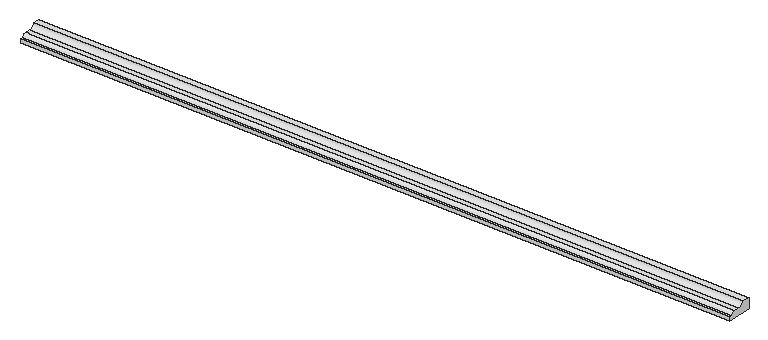
Revit family "13-MOULDING-CADS-161-PCBSHINGLEBAND-4-REVIT_Versatex-Generic-Model-SHINGLE-MOULDING", category Generic Models, host Face, Revit 2026
Family settings
  Host = Face
  Can host rebar = No
  Round Connector Dimension = Use Diameter
  Part Type = Normal
  Cut with Voids When Loaded = No
  Maintain Annotation Orientation = No
  Shared = No
  Room Calculation Point = No
Parameters
  Model = "PCBSHINGLEBAND"
  Length = 4' - 0"
  Warranty = "https://versatex.com/warranty/"
  URL = "https://versatex.com/"
  Specification = "https://www.arcat.com/company/versatex-45716/spec?coid=45716"
  Sales Information = "https://versatex.com/dealer-locator/"
  Message Manufacturer = "https://versatex.com/contact/"
  Material = Versatex PVC - Smooth
  Manufacturer Website = "https://versatex.com/"
  Manufacturer Phone = "724-857-1111"
  Manufacturer Fax = "724-857-1171"
  Manufacturer Address = "400 Steel Street, Aliquippa, PA 15001"
  Manufacturer = "Versatex"
  Literature = "https://versatex.com/literature/?_sft_literature_category=cads"
  Description = "SHINGLE MOULDING"
  Default Elevation = 4' - 0"
  Copyright = "© 2024 VERSATEX Building Products, LLC"
Reference planes (in)
  plane 1 "Center (Front/Back)": y = 0
  plane 2: z = 0
  plane 3 "Center (Left/Right)": x = 0
  plane 4: x = 24
  plane 5: x = -24
Forms (in)
  Sweep 1, solid, material "Versatex PVC - Smooth" <- "Material"
    path origin (0, 0, 0) x (1, 0, 0) y (0, 1, 0)
      loop
        line (-24, 0) -> (24, 0)
    profile "Versatex_Profile_SHINGLE MOULDING : Versatex_Profile_SHINGLE MOULDING" origin (0, 0, 0) x (0, 1, 0) y (0, 0, 1)
      loop
        line (0.21833, 0.23167) -> (0, 0.23167) -> (0, 0) -> (1.59833, 0) -> (1.59833, 0.69) -> (1.12833, 0.69)
        arc (1.12833, 0.69) -> (1.02256, 0.49372) -> (0.81333, 0.41667) r 0.31494
        line (0.81333, 0.41667) -> (0.47833, 0.41667)
        arc (0.47833, 0.41667) -> (0.31376, 0.37275) -> (0.21833, 0.23167) r 0.24328
Dimensions and locks (in)
  "Length": plane 5 to plane 4
  equal spacing: plane 5, plane 3 "Center (Left/Right)", plane 4, locked at 24 each
  aligned and locked: plane 2 to host face
  aligned and locked: level to host face
Automatic sketch dimensions
  host sketch curve to host sketch curve = 8' - 0"  (x2)
  plane 1 "Center (Front/Back)" to Sweep 1 sketch curve = 0' - 0"
  Sweep 1 sketch curve to plane 5 = 0' - 0"
  Sweep 1 sketch curve to plane 4 = 0' - 0"
